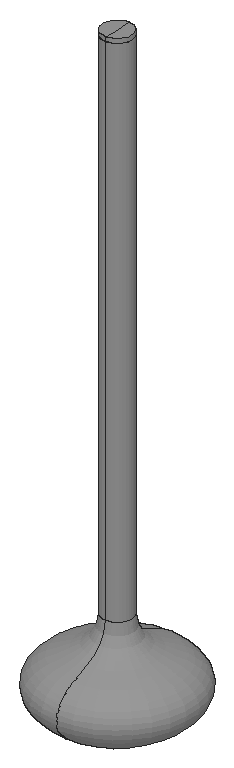
Revit family "Fireplace 4", category Generic Models, Revit 2020
Family settings
  Can host rebar = No
  Round Connector Dimension = Use Diameter
  Part Type = Normal
  Work Plane-Based = Yes
  Always vertical = Yes
  Cut with Voids When Loaded = Yes
  Shared = No
  Room Calculation Point = No
Parameters
  Default Elevation = 1219.2 mm
Reference planes
  plane 1 "Center (Front/Back)": y = 0
  plane 2: z = 0
  plane 3 "Center (Left/Right)": x = 0
Forms (mm)
  Revolve 1, solid, material "Iron, Cast"
    sketch origin (0, 0, 0) x (0, 1, 0) y (0, 0, 1)
      loop
        line (150, 6615) -> (0, 6615) -> (0, 240)
        spline (0, 240) -> (268.599, 261.918) -> (479.912, 320.065) -> (634.834, 403.034) -> (734.261, 499.417) -> (779.529, 599.181) -> (773.411, 696.777) -> (718.973, 787.574) -> (619.28, 866.94) -> (479.033, 931.835) -> (325.244, 1000.963) -> (201.063, 1108.757) -> (150, 1290)
        line (150, 1290) -> (150, 6615)
      loop
        line (0, 6620) -> (150, 6620) -> (150, 6660) -> (0, 6660) -> (0, 6620)
      axis (0, 6660) -> (0, 240)
    angle from 0 to 360
  Revolve 2, void
    sketch origin (0, 660, 0) x (1, 0, 0) y (0, 0, 1)
      loop
        spline (0, 759.011) -> (-119.057, 751.514) -> (-230, 729.536) -> (-325.269, 694.574) -> (-398.372, 649.011) -> (-444.326, 595.951) -> (-460, 539.011) -> (-444.326, 482.07) -> (-398.372, 429.011) -> (-325.269, 383.447) -> (-230, 348.485) -> (-119.057, 326.507) -> (0, 319.011)
        line (0, 319.011) -> (0, 759.011)
      axis (0, 759.011) -> (0, 319.011)
    angle from 0 to 360
  Revolve 3, void
    sketch origin (0, 0, 0) x (1, 0, 0) y (0, 0, 1)
      loop
        spline (0, 265) -> (196.702, 277.267) -> (380, 313.231) -> (537.401, 370.442) -> (658.179, 445) -> (734.104, 531.825) -> (760, 625) -> (734.104, 718.175) -> (658.179, 805) -> (537.401, 879.558) -> (380, 936.769) -> (196.702, 972.733) -> (0, 985)
        line (0, 985) -> (0, 265)
      axis (0, 985) -> (0, 265)
    angle from 0 to 360
  Extrusion 4, solid, material "Iron, Cast"
    sketch origin (100, 0, 380) x (1, 0, 0) y (0, 1, 0)
      loop
        line (-436.685, 436.344) -> (-436.685, -363.656) -> (-416.685, -363.656) -> (-416.685, 436.344) -> (-436.685, 436.344)
    from 0 to 50
  Extrusion 5, solid, material "Iron, Cast"
    sketch origin (150, 0, 380) x (1, 0, 0) y (0, 1, 0)
      loop
        line (-436.685, 436.344) -> (-436.685, -363.656) -> (-416.685, -363.656) -> (-416.685, 436.344) -> (-436.685, 436.344)
    from 0 to 50
  Extrusion 6, solid, material "Iron, Cast"
    sketch origin (200, 0, 380) x (1, 0, 0) y (0, 1, 0)
      loop
        line (-436.685, 436.344) -> (-436.685, -363.656) -> (-416.685, -363.656) -> (-416.685, 436.344) -> (-436.685, 436.344)
    from 0 to 50
  Extrusion 7, solid, material "Iron, Cast"
    sketch origin (250, 0, 380) x (1, 0, 0) y (0, 1, 0)
      loop
        line (-436.685, 436.344) -> (-436.685, -363.656) -> (-416.685, -363.656) -> (-416.685, 436.344) -> (-436.685, 436.344)
    from 0 to 50
  Extrusion 8, solid, material "Iron, Cast"
    sketch origin (300, 0, 380) x (1, 0, 0) y (0, 1, 0)
      loop
        line (-436.685, 436.344) -> (-436.685, -363.656) -> (-416.685, -363.656) -> (-416.685, 436.344) -> (-436.685, 436.344)
    from 0 to 50
  Extrusion 9, solid, material "Iron, Cast"
    sketch origin (350, 0, 380) x (1, 0, 0) y (0, 1, 0)
      loop
        line (-436.685, 436.344) -> (-436.685, -363.656) -> (-416.685, -363.656) -> (-416.685, 436.344) -> (-436.685, 436.344)
    from 0 to 50
  Extrusion 10, solid, material "Iron, Cast"
    sketch origin (400, 0, 380) x (1, 0, 0) y (0, 1, 0)
      loop
        line (-436.685, 436.344) -> (-436.685, -363.656) -> (-416.685, -363.656) -> (-416.685, 436.344) -> (-436.685, 436.344)
    from 0 to 50
  Extrusion 11, solid, material "Iron, Cast"
    sketch origin (450, 0, 380) x (1, 0, 0) y (0, 1, 0)
      loop
        line (-436.685, 436.344) -> (-436.685, -363.656) -> (-416.685, -363.656) -> (-416.685, 436.344) -> (-436.685, 436.344)
    from 0 to 50
  Extrusion 12, solid, material "Iron, Cast"
    sketch origin (500, 0, 380) x (1, 0, 0) y (0, 1, 0)
      loop
        line (-436.685, 436.344) -> (-436.685, -363.656) -> (-416.685, -363.656) -> (-416.685, 436.344) -> (-436.685, 436.344)
    from 0 to 50
  Extrusion 13, solid, material "Iron, Cast"
    sketch origin (550, 0, 380) x (1, 0, 0) y (0, 1, 0)
      loop
        line (-436.685, 436.344) -> (-436.685, -363.656) -> (-416.685, -363.656) -> (-416.685, 436.344) -> (-436.685, 436.344)
    from 0 to 50
  Extrusion 14, solid, material "Iron, Cast"
    sketch origin (600, 0, 380) x (1, 0, 0) y (0, 1, 0)
      loop
        line (-436.685, 436.344) -> (-436.685, -363.656) -> (-416.685, -363.656) -> (-416.685, 436.344) -> (-436.685, 436.344)
    from 0 to 50
  Extrusion 15, solid, material "Iron, Cast"
    sketch origin (650, 0, 380) x (1, 0, 0) y (0, 1, 0)
      loop
        line (-436.685, 436.344) -> (-436.685, -363.656) -> (-416.685, -363.656) -> (-416.685, 436.344) -> (-436.685, 436.344)
    from 0 to 50
  Extrusion 16, solid, material "Iron, Cast"
    sketch origin (700, 0, 380) x (1, 0, 0) y (0, 1, 0)
      loop
        line (-436.685, 436.344) -> (-436.685, -363.656) -> (-416.685, -363.656) -> (-416.685, 436.344) -> (-436.685, 436.344)
    from 0 to 50
  Extrusion 17, solid, material "Iron, Cast"
    sketch origin (750, 0, 380) x (1, 0, 0) y (0, 1, 0)
      loop
        line (-436.685, 436.344) -> (-436.685, -363.656) -> (-416.685, -363.656) -> (-416.685, 436.344) -> (-436.685, 436.344)
    from 0 to 50
Cuts and joins
  Revolve 2, Revolve 3 cuts Revolve 1
Dimensions and locks
  Revolve 1 sketch curve to level = 6615 mm
  aligned and locked: level to plane 2
